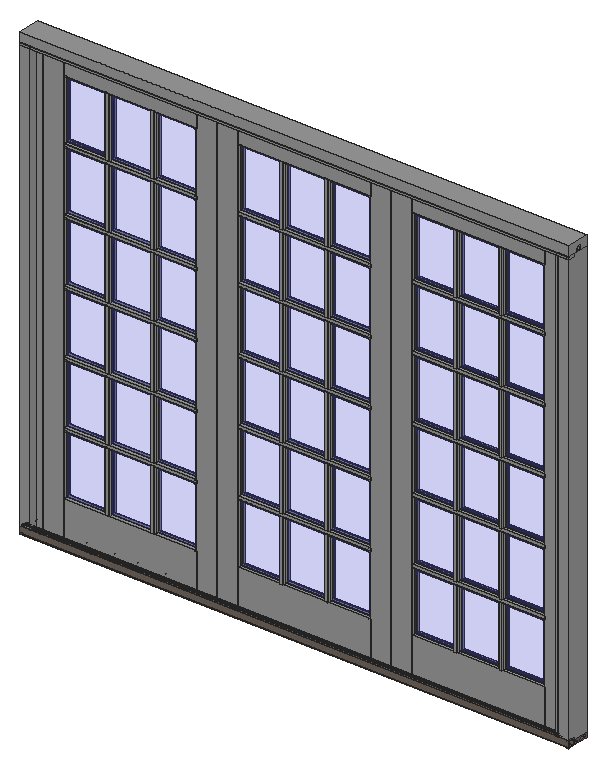
Revit family "VSFA 2560 SP LH", category Doors, host Wall, Revit 2015 (continued)
Automatic sketch dimensions
  Sweep 54 sketch curve to Sweep 54 sketch curve = 6 mm
  plane 2 "Center (Left/Right)" to Sweep 55 sketch curve = 114.66 mm
  Sweep 55 sketch curve to plane 2 "Center (Left/Right)" = 83.68 mm
  plane 5 to Sweep 55 sketch curve = 1032 mm
  Sweep 55 sketch curve to Sweep 55 sketch curve = 284.012 mm
  Sweep 55 sketch curve to profile plane = 0 mm
  Sweep 55 sketch curve to profile plane = 0.241 mm
  Sweep 55 sketch curve to Sweep 55 sketch curve = 6.759 mm
  Sweep 55 sketch curve to Sweep 55 sketch curve = 2 mm  (x2)
  Sweep 55 sketch curve to profile plane = 86 mm
  Sweep 55 sketch curve to Sweep 55 sketch curve = 6 mm
  Sweep 56 sketch curve to plane 2 "Center (Left/Right)" = 96.68 mm
  Sweep 56 sketch curve to plane 12 = 126.98 mm
  plane 5 to Sweep 56 sketch curve = 1032 mm
  Sweep 56 sketch curve to Sweep 56 sketch curve = 284.012 mm
  Sweep 56 sketch curve to profile plane = 0 mm
  Sweep 56 sketch curve to profile plane = 0.241 mm
  Sweep 56 sketch curve to Sweep 56 sketch curve = 6.759 mm
  Sweep 56 sketch curve to Sweep 56 sketch curve = 2 mm  (x2)
  Sweep 56 sketch curve to profile plane = 86 mm
  Sweep 56 sketch curve to Sweep 56 sketch curve = 6 mm
  host wall to Extrusion 57 sketch curve = 7.5 mm
  plane 2 "Center (Left/Right)" to Extrusion 57 sketch curve = 136.66 mm
  Extrusion 57 sketch curve to Extrusion 57 sketch curve = 2 mm  (x10)
  Extrusion 57 sketch curve to Extrusion 57 sketch curve = 6.759 mm  (x4)
  Extrusion 57 sketch curve to Extrusion 57 sketch curve = 0.241 mm  (x6)
  Extrusion 57 sketch curve to Extrusion 57 sketch curve = 13 mm  (x3)
  Extrusion 57 sketch curve to Extrusion 57 sketch curve = 0 mm
  host wall to Extrusion 57 sketch curve = 5.5 mm  (x3)
  Extrusion 57 sketch curve to plane 2 "Center (Left/Right)" = 74.68 mm
  Extrusion 57 sketch curve to host wall = 24.5 mm  (x2)
  Extrusion 57 sketch curve to Extrusion 57 sketch curve = 1.197 mm  (x4)
  plane 11 to Sweep 58 sketch curve = 65 mm
  plane 2 "Center (Left/Right)" to Sweep 58 sketch curve = 127.66 mm
  level to Sweep 58 sketch curve = 771 mm
  Sweep 58 sketch curve to Sweep 58 sketch curve = 284.012 mm
  Sweep 58 sketch curve to profile plane = 0 mm
  Sweep 58 sketch curve to profile plane = 0.241 mm
  Sweep 58 sketch curve to Sweep 58 sketch curve = 6.759 mm
  Sweep 58 sketch curve to Sweep 58 sketch curve = 2 mm  (x2)
  Sweep 58 sketch curve to profile plane = 86 mm
  Sweep 58 sketch curve to Sweep 58 sketch curve = 6 mm
  plane 2 "Center (Left/Right)" to Sweep 59 sketch curve = 114.66 mm
  Sweep 59 sketch curve to plane 2 "Center (Left/Right)" = 83.68 mm
  level to Sweep 59 sketch curve = 771 mm
  Sweep 59 sketch curve to Sweep 59 sketch curve = 284.012 mm
  Sweep 59 sketch curve to profile plane = 0 mm
  Sweep 59 sketch curve to profile plane = 0.241 mm
  Sweep 59 sketch curve to Sweep 59 sketch curve = 6.759 mm
  Sweep 59 sketch curve to Sweep 59 sketch curve = 2 mm  (x2)
  Sweep 59 sketch curve to profile plane = 86 mm
  Sweep 59 sketch curve to Sweep 59 sketch curve = 6 mm
  Sweep 60 sketch curve to plane 2 "Center (Left/Right)" = 96.68 mm
  Sweep 60 sketch curve to plane 12 = 126.98 mm
  level to Sweep 60 sketch curve = 771 mm
  Sweep 60 sketch curve to Sweep 60 sketch curve = 284.012 mm
  Sweep 60 sketch curve to profile plane = 0 mm
  Sweep 60 sketch curve to profile plane = 0.241 mm
  Sweep 60 sketch curve to Sweep 60 sketch curve = 6.759 mm
  Sweep 60 sketch curve to Sweep 60 sketch curve = 2 mm  (x2)
  Sweep 60 sketch curve to profile plane = 86 mm
  Sweep 60 sketch curve to Sweep 60 sketch curve = 6 mm
  host wall to Extrusion 61 sketch curve = 7.5 mm
  plane 2 "Center (Left/Right)" to Extrusion 61 sketch curve = 136.66 mm
  Extrusion 61 sketch curve to Extrusion 61 sketch curve = 2 mm  (x10)
  Extrusion 61 sketch curve to Extrusion 61 sketch curve = 6.759 mm  (x4)
  Extrusion 61 sketch curve to Extrusion 61 sketch curve = 0.241 mm  (x6)
  Extrusion 61 sketch curve to Extrusion 61 sketch curve = 13 mm  (x3)
  Extrusion 61 sketch curve to Extrusion 61 sketch curve = 0 mm
  host wall to Extrusion 61 sketch curve = 5.5 mm  (x3)
  Extrusion 61 sketch curve to plane 2 "Center (Left/Right)" = 74.68 mm
  Extrusion 61 sketch curve to host wall = 24.5 mm  (x2)
  Extrusion 61 sketch curve to Extrusion 61 sketch curve = 1.197 mm  (x4)
  plane 11 to Sweep 62 sketch curve = 65 mm
  plane 2 "Center (Left/Right)" to Sweep 62 sketch curve = 127.66 mm
  level to Sweep 62 sketch curve = 474 mm
  level to Sweep 62 sketch curve = 189.988 mm
  Sweep 62 sketch curve to profile plane = 0 mm
  Sweep 62 sketch curve to profile plane = 0.241 mm
  Sweep 62 sketch curve to Sweep 62 sketch curve = 6.759 mm
  Sweep 62 sketch curve to Sweep 62 sketch curve = 2 mm  (x2)
  Sweep 62 sketch curve to profile plane = 86 mm
  Sweep 62 sketch curve to Sweep 62 sketch curve = 6 mm
  plane 2 "Center (Left/Right)" to Sweep 63 sketch curve = 114.66 mm
  Sweep 63 sketch curve to plane 2 "Center (Left/Right)" = 83.68 mm
  level to Sweep 63 sketch curve = 474 mm
  level to Sweep 63 sketch curve = 189.988 mm
  Sweep 63 sketch curve to profile plane = 0 mm
  Sweep 63 sketch curve to profile plane = 0.241 mm
  Sweep 63 sketch curve to Sweep 63 sketch curve = 6.759 mm
  Sweep 63 sketch curve to Sweep 63 sketch curve = 2 mm  (x2)
  Sweep 63 sketch curve to profile plane = 86 mm
  Sweep 63 sketch curve to Sweep 63 sketch curve = 6 mm
  Sweep 64 sketch curve to plane 2 "Center (Left/Right)" = 96.68 mm
  Sweep 64 sketch curve to plane 12 = 126.98 mm
  level to Sweep 64 sketch curve = 474 mm
  level to Sweep 64 sketch curve = 189.988 mm
  Sweep 64 sketch curve to profile plane = 0 mm
  Sweep 64 sketch curve to profile plane = 0.241 mm
  Sweep 64 sketch curve to Sweep 64 sketch curve = 6.759 mm
  Sweep 64 sketch curve to Sweep 64 sketch curve = 2 mm  (x2)
  Sweep 64 sketch curve to profile plane = 86 mm
  Sweep 64 sketch curve to Sweep 64 sketch curve = 6 mm
  host wall to Extrusion 65 sketch curve = 15.5 mm  (x7)
  Extrusion 65 sketch curve to Extrusion 65 sketch curve = 2 mm  (x28)
  host wall to Extrusion 65 sketch curve = 7.5 mm  (x12)
  host wall to Extrusion 65 sketch curve = 6.697 mm  (x12)
  Extrusion 65 sketch curve to Extrusion 65 sketch curve = 1.197 mm  (x8)
  Extrusion 65 sketch curve to host wall = 24.5 mm  (x7)
  plane 5 to Extrusion 65 sketch curve = 45 mm
  Extrusion 65 sketch curve to Extrusion 65 sketch curve = 96 mm
  Extrusion 65 sketch curve to Extrusion 65 sketch curve = 0 mm  (x6)
  Extrusion 65 sketch curve to Extrusion 65 sketch curve = 0.241 mm  (x12)
  Extrusion 65 sketch curve to Extrusion 65 sketch curve = 266 mm  (x5)
  Extrusion 65 sketch curve to Extrusion 65 sketch curve = 6.759 mm  (x6)
  Extrusion 65 sketch curve to Extrusion 65 sketch curve = 13 mm  (x5)
  level to Extrusion 65 sketch curve = 199 mm
  level to Extrusion 65 sketch curve = 19 mm
  plane 12 to Extrusion 66 sketch curve = 65 mm  (x2)
  Extrusion 66 sketch curve to Extrusion 66 sketch curve = 0 mm  (x31)
  Extrusion 66 sketch curve to Extrusion 66 sketch curve = 198.34 mm  (x6)
  Extrusion 66 sketch curve to Extrusion 66 sketch curve = 13 mm  (x7)
  Extrusion 66 sketch curve to plane 9 = 126.98 mm  (x3)
  plane 5 to Extrusion 66 sketch curve = 141 mm  (x2)
  Extrusion 66 sketch curve to Extrusion 66 sketch curve = 284.012 mm  (x5)
  Extrusion 66 sketch curve to Extrusion 66 sketch curve = 12.988 mm  (x15)
  level to Extrusion 66 sketch curve = 189.988 mm
  host wall to Extrusion 67 sketch curve = 7.5 mm
  plane 12 to Extrusion 67 sketch curve = 254.34 mm
  Extrusion 67 sketch curve to Extrusion 67 sketch curve = 2 mm  (x10)
  Extrusion 67 sketch curve to Extrusion 67 sketch curve = 6.759 mm  (x4)
  Extrusion 67 sketch curve to Extrusion 67 sketch curve = 0.241 mm  (x6)
  Extrusion 67 sketch curve to Extrusion 67 sketch curve = 13 mm  (x3)
  Extrusion 67 sketch curve to Extrusion 67 sketch curve = 0 mm
  host wall to Extrusion 67 sketch curve = 5.5 mm  (x3)
  Extrusion 67 sketch curve to Extrusion 67 sketch curve = 180.34 mm
  Extrusion 67 sketch curve to host wall = 24.5 mm  (x2)
  Extrusion 67 sketch curve to Extrusion 67 sketch curve = 1.197 mm  (x4)
  plane 12 to Sweep 68 sketch curve = 65 mm
  Sweep 68 sketch curve to Sweep 68 sketch curve = 198.34 mm
  plane 5 to Sweep 68 sketch curve = 141 mm
  Sweep 68 sketch curve to Sweep 68 sketch curve = 284.012 mm
  Sweep 68 sketch curve to profile plane = 0 mm
  Sweep 68 sketch curve to profile plane = 0.241 mm
  Sweep 68 sketch curve to Sweep 68 sketch curve = 6.759 mm
  Sweep 68 sketch curve to Sweep 68 sketch curve = 2 mm  (x2)
  Sweep 68 sketch curve to profile plane = 86 mm
  Sweep 68 sketch curve to Sweep 68 sketch curve = 6 mm
  plane 12 to Sweep 69 sketch curve = 276.34 mm
  Sweep 69 sketch curve to Sweep 69 sketch curve = 198.34 mm
  plane 5 to Sweep 69 sketch curve = 141 mm
  Sweep 69 sketch curve to Sweep 69 sketch curve = 284.012 mm
  Sweep 69 sketch curve to profile plane = 0 mm
  Sweep 69 sketch curve to profile plane = 0.241 mm
  Sweep 69 sketch curve to Sweep 69 sketch curve = 6.759 mm
  Sweep 69 sketch curve to Sweep 69 sketch curve = 2 mm  (x2)
  Sweep 69 sketch curve to profile plane = 86 mm
  Sweep 69 sketch curve to Sweep 69 sketch curve = 6 mm
  Sweep 70 sketch curve to plane 9 = 325.32 mm
  Sweep 70 sketch curve to plane 9 = 126.98 mm
  plane 5 to Sweep 70 sketch curve = 141 mm
  Sweep 70 sketch curve to Sweep 70 sketch curve = 284.012 mm
  Sweep 70 sketch curve to profile plane = 0 mm
  Sweep 70 sketch curve to profile plane = 0.241 mm
  Sweep 70 sketch curve to Sweep 70 sketch curve = 6.759 mm
  Sweep 70 sketch curve to Sweep 70 sketch curve = 2 mm  (x2)
  Sweep 70 sketch curve to profile plane = 86 mm
  Sweep 70 sketch curve to Sweep 70 sketch curve = 6 mm
  host wall to Extrusion 71 sketch curve = 7.5 mm
  plane 12 to Extrusion 71 sketch curve = 254.34 mm
  Extrusion 71 sketch curve to Extrusion 71 sketch curve = 2 mm  (x10)
  Extrusion 71 sketch curve to Extrusion 71 sketch curve = 6.759 mm  (x4)
  Extrusion 71 sketch curve to Extrusion 71 sketch curve = 0.241 mm  (x6)
  Extrusion 71 sketch curve to Extrusion 71 sketch curve = 13 mm  (x3)
  Extrusion 71 sketch curve to Extrusion 71 sketch curve = 0 mm
  host wall to Extrusion 71 sketch curve = 5.5 mm  (x3)
  Extrusion 71 sketch curve to Extrusion 71 sketch curve = 180.34 mm
  Extrusion 71 sketch curve to host wall = 24.5 mm  (x2)
  Extrusion 71 sketch curve to Extrusion 71 sketch curve = 1.197 mm  (x4)
  plane 12 to Sweep 72 sketch curve = 65 mm
  Sweep 72 sketch curve to Sweep 72 sketch curve = 198.34 mm
  plane 5 to Sweep 72 sketch curve = 438 mm
  Sweep 72 sketch curve to Sweep 72 sketch curve = 284.012 mm
  Sweep 72 sketch curve to profile plane = 0 mm
  Sweep 72 sketch curve to profile plane = 0.241 mm
  Sweep 72 sketch curve to Sweep 72 sketch curve = 6.759 mm
  Sweep 72 sketch curve to Sweep 72 sketch curve = 2 mm  (x2)
  Sweep 72 sketch curve to profile plane = 86 mm
  Sweep 72 sketch curve to Sweep 72 sketch curve = 6 mm
  plane 12 to Sweep 73 sketch curve = 276.34 mm
  Sweep 73 sketch curve to Sweep 73 sketch curve = 198.34 mm
  plane 5 to Sweep 73 sketch curve = 438 mm
  Sweep 73 sketch curve to Sweep 73 sketch curve = 284.012 mm
  Sweep 73 sketch curve to profile plane = 0 mm
  Sweep 73 sketch curve to profile plane = 0.241 mm
  Sweep 73 sketch curve to Sweep 73 sketch curve = 6.759 mm
  Sweep 73 sketch curve to Sweep 73 sketch curve = 2 mm  (x2)
  Sweep 73 sketch curve to profile plane = 86 mm
  Sweep 73 sketch curve to Sweep 73 sketch curve = 6 mm
  Sweep 74 sketch curve to plane 9 = 325.32 mm
  Sweep 74 sketch curve to plane 9 = 126.98 mm
  plane 5 to Sweep 74 sketch curve = 438 mm
  Sweep 74 sketch curve to Sweep 74 sketch curve = 284.012 mm
  Sweep 74 sketch curve to profile plane = 0 mm
  Sweep 74 sketch curve to profile plane = 0.241 mm
  Sweep 74 sketch curve to Sweep 74 sketch curve = 6.759 mm
  Sweep 74 sketch curve to Sweep 74 sketch curve = 2 mm  (x2)
  Sweep 74 sketch curve to profile plane = 86 mm
  Sweep 74 sketch curve to Sweep 74 sketch curve = 6 mm
  host wall to Extrusion 75 sketch curve = 7.5 mm
  plane 12 to Extrusion 75 sketch curve = 254.34 mm
  Extrusion 75 sketch curve to Extrusion 75 sketch curve = 2 mm  (x10)
  Extrusion 75 sketch curve to Extrusion 75 sketch curve = 6.759 mm  (x4)
  Extrusion 75 sketch curve to Extrusion 75 sketch curve = 0.241 mm  (x6)
  Extrusion 75 sketch curve to Extrusion 75 sketch curve = 13 mm  (x3)
  Extrusion 75 sketch curve to Extrusion 75 sketch curve = 0 mm
  host wall to Extrusion 75 sketch curve = 5.5 mm  (x3)
  Extrusion 75 sketch curve to Extrusion 75 sketch curve = 180.34 mm
  Extrusion 75 sketch curve to host wall = 24.5 mm  (x2)
  Extrusion 75 sketch curve to Extrusion 75 sketch curve = 1.197 mm  (x4)
  plane 12 to Sweep 76 sketch curve = 65 mm
  Sweep 76 sketch curve to Sweep 76 sketch curve = 198.34 mm
  plane 5 to Sweep 76 sketch curve = 735 mm
  Sweep 76 sketch curve to Sweep 76 sketch curve = 284.012 mm
  Sweep 76 sketch curve to profile plane = 0 mm
  Sweep 76 sketch curve to profile plane = 0.241 mm
  Sweep 76 sketch curve to Sweep 76 sketch curve = 6.759 mm
  Sweep 76 sketch curve to Sweep 76 sketch curve = 2 mm  (x2)
  Sweep 76 sketch curve to profile plane = 86 mm
  Sweep 76 sketch curve to Sweep 76 sketch curve = 6 mm
  plane 12 to Sweep 77 sketch curve = 276.34 mm
  Sweep 77 sketch curve to Sweep 77 sketch curve = 198.34 mm
  plane 5 to Sweep 77 sketch curve = 735 mm
  Sweep 77 sketch curve to Sweep 77 sketch curve = 284.012 mm
  Sweep 77 sketch curve to profile plane = 0 mm
  Sweep 77 sketch curve to profile plane = 0.241 mm
  Sweep 77 sketch curve to Sweep 77 sketch curve = 6.759 mm
  Sweep 77 sketch curve to Sweep 77 sketch curve = 2 mm  (x2)
  Sweep 77 sketch curve to profile plane = 86 mm
  Sweep 77 sketch curve to Sweep 77 sketch curve = 6 mm
  Sweep 78 sketch curve to plane 9 = 325.32 mm
  Sweep 78 sketch curve to plane 9 = 126.98 mm
  plane 5 to Sweep 78 sketch curve = 735 mm
  Sweep 78 sketch curve to Sweep 78 sketch curve = 284.012 mm
  Sweep 78 sketch curve to profile plane = 0 mm
  Sweep 78 sketch curve to profile plane = 0.241 mm
  Sweep 78 sketch curve to Sweep 78 sketch curve = 6.759 mm
  Sweep 78 sketch curve to Sweep 78 sketch curve = 2 mm  (x2)
  Sweep 78 sketch curve to profile plane = 86 mm
  Sweep 78 sketch curve to Sweep 78 sketch curve = 6 mm
  host wall to Extrusion 79 sketch curve = 7.5 mm
  plane 12 to Extrusion 79 sketch curve = 254.34 mm
  Extrusion 79 sketch curve to Extrusion 79 sketch curve = 2 mm  (x10)
  Extrusion 79 sketch curve to Extrusion 79 sketch curve = 6.759 mm  (x4)
  Extrusion 79 sketch curve to Extrusion 79 sketch curve = 0.241 mm  (x6)
  Extrusion 79 sketch curve to Extrusion 79 sketch curve = 13 mm  (x3)
  Extrusion 79 sketch curve to Extrusion 79 sketch curve = 0 mm
  host wall to Extrusion 79 sketch curve = 5.5 mm  (x3)
  Extrusion 79 sketch curve to Extrusion 79 sketch curve = 180.34 mm
  Extrusion 79 sketch curve to host wall = 24.5 mm  (x2)
  Extrusion 79 sketch curve to Extrusion 79 sketch curve = 1.197 mm  (x4)
  plane 12 to Sweep 80 sketch curve = 65 mm
  Sweep 80 sketch curve to Sweep 80 sketch curve = 198.34 mm
  plane 5 to Sweep 80 sketch curve = 1032 mm
  Sweep 80 sketch curve to Sweep 80 sketch curve = 284.012 mm
  Sweep 80 sketch curve to profile plane = 0 mm
  Sweep 80 sketch curve to profile plane = 0.241 mm
  Sweep 80 sketch curve to Sweep 80 sketch curve = 6.759 mm
  Sweep 80 sketch curve to Sweep 80 sketch curve = 2 mm  (x2)
  Sweep 80 sketch curve to profile plane = 86 mm
  Sweep 80 sketch curve to Sweep 80 sketch curve = 6 mm
  plane 12 to Sweep 81 sketch curve = 276.34 mm
  Sweep 81 sketch curve to Sweep 81 sketch curve = 198.34 mm
  plane 5 to Sweep 81 sketch curve = 1032 mm
  Sweep 81 sketch curve to Sweep 81 sketch curve = 284.012 mm
  Sweep 81 sketch curve to profile plane = 0 mm
  Sweep 81 sketch curve to profile plane = 0.241 mm
  Sweep 81 sketch curve to Sweep 81 sketch curve = 6.759 mm
  Sweep 81 sketch curve to Sweep 81 sketch curve = 2 mm  (x2)
  Sweep 81 sketch curve to profile plane = 86 mm
  Sweep 81 sketch curve to Sweep 81 sketch curve = 6 mm
  Sweep 82 sketch curve to plane 9 = 325.32 mm
  Sweep 82 sketch curve to plane 9 = 126.98 mm
  plane 5 to Sweep 82 sketch curve = 1032 mm
  Sweep 82 sketch curve to Sweep 82 sketch curve = 284.012 mm
  Sweep 82 sketch curve to profile plane = 0 mm
  Sweep 82 sketch curve to profile plane = 0.241 mm
  Sweep 82 sketch curve to Sweep 82 sketch curve = 6.759 mm
  Sweep 82 sketch curve to Sweep 82 sketch curve = 2 mm  (x2)
  Sweep 82 sketch curve to profile plane = 86 mm
  Sweep 82 sketch curve to Sweep 82 sketch curve = 6 mm
  host wall to Extrusion 83 sketch curve = 7.5 mm
  plane 12 to Extrusion 83 sketch curve = 254.34 mm
  Extrusion 83 sketch curve to Extrusion 83 sketch curve = 2 mm  (x10)
  Extrusion 83 sketch curve to Extrusion 83 sketch curve = 6.759 mm  (x4)
  Extrusion 83 sketch curve to Extrusion 83 sketch curve = 0.241 mm  (x6)
  Extrusion 83 sketch curve to Extrusion 83 sketch curve = 13 mm  (x3)
  Extrusion 83 sketch curve to Extrusion 83 sketch curve = 0 mm
  host wall to Extrusion 83 sketch curve = 5.5 mm  (x3)
  Extrusion 83 sketch curve to Extrusion 83 sketch curve = 180.34 mm
  Extrusion 83 sketch curve to host wall = 24.5 mm  (x2)
  Extrusion 83 sketch curve to Extrusion 83 sketch curve = 1.197 mm  (x4)
  plane 12 to Sweep 84 sketch curve = 65 mm
  Sweep 84 sketch curve to Sweep 84 sketch curve = 198.34 mm
  level to Sweep 84 sketch curve = 771 mm
  Sweep 84 sketch curve to Sweep 84 sketch curve = 284.012 mm
  Sweep 84 sketch curve to profile plane = 0 mm
  Sweep 84 sketch curve to profile plane = 0.241 mm
  Sweep 84 sketch curve to Sweep 84 sketch curve = 6.759 mm
  Sweep 84 sketch curve to Sweep 84 sketch curve = 2 mm  (x2)
  Sweep 84 sketch curve to profile plane = 86 mm
  Sweep 84 sketch curve to Sweep 84 sketch curve = 6 mm
  plane 12 to Sweep 85 sketch curve = 276.34 mm
  Sweep 85 sketch curve to Sweep 85 sketch curve = 198.34 mm
  level to Sweep 85 sketch curve = 771 mm
  Sweep 85 sketch curve to Sweep 85 sketch curve = 284.012 mm
  Sweep 85 sketch curve to profile plane = 0 mm
  Sweep 85 sketch curve to profile plane = 0.241 mm
  Sweep 85 sketch curve to Sweep 85 sketch curve = 6.759 mm
  Sweep 85 sketch curve to Sweep 85 sketch curve = 2 mm  (x2)
  Sweep 85 sketch curve to profile plane = 86 mm
  Sweep 85 sketch curve to Sweep 85 sketch curve = 6 mm
  Sweep 86 sketch curve to plane 9 = 325.32 mm
  Sweep 86 sketch curve to plane 9 = 126.98 mm
  level to Sweep 86 sketch curve = 771 mm
  Sweep 86 sketch curve to Sweep 86 sketch curve = 284.012 mm
  Sweep 86 sketch curve to profile plane = 0 mm
  Sweep 86 sketch curve to profile plane = 0.241 mm
  Sweep 86 sketch curve to Sweep 86 sketch curve = 6.759 mm
  Sweep 86 sketch curve to Sweep 86 sketch curve = 2 mm  (x2)
  Sweep 86 sketch curve to profile plane = 86 mm
  Sweep 86 sketch curve to Sweep 86 sketch curve = 6 mm
  host wall to Extrusion 87 sketch curve = 7.5 mm
  plane 12 to Extrusion 87 sketch curve = 254.34 mm
  Extrusion 87 sketch curve to Extrusion 87 sketch curve = 2 mm  (x10)
  Extrusion 87 sketch curve to Extrusion 87 sketch curve = 6.759 mm  (x4)
  Extrusion 87 sketch curve to Extrusion 87 sketch curve = 0.241 mm  (x6)
  Extrusion 87 sketch curve to Extrusion 87 sketch curve = 13 mm  (x3)
  Extrusion 87 sketch curve to Extrusion 87 sketch curve = 0 mm
  host wall to Extrusion 87 sketch curve = 5.5 mm  (x3)
  Extrusion 87 sketch curve to Extrusion 87 sketch curve = 180.34 mm
  Extrusion 87 sketch curve to host wall = 24.5 mm  (x2)
  Extrusion 87 sketch curve to Extrusion 87 sketch curve = 1.197 mm  (x4)
  plane 12 to Sweep 88 sketch curve = 65 mm
  Sweep 88 sketch curve to Sweep 88 sketch curve = 198.34 mm
  level to Sweep 88 sketch curve = 474 mm
  level to Sweep 88 sketch curve = 189.988 mm
  Sweep 88 sketch curve to profile plane = 0 mm
  Sweep 88 sketch curve to profile plane = 0.241 mm
  Sweep 88 sketch curve to Sweep 88 sketch curve = 6.759 mm
  Sweep 88 sketch curve to Sweep 88 sketch curve = 2 mm  (x2)
  Sweep 88 sketch curve to profile plane = 86 mm
  Sweep 88 sketch curve to Sweep 88 sketch curve = 6 mm
  plane 12 to Sweep 89 sketch curve = 276.34 mm
  Sweep 89 sketch curve to Sweep 89 sketch curve = 198.34 mm
  level to Sweep 89 sketch curve = 474 mm
  level to Sweep 89 sketch curve = 189.988 mm
  Sweep 89 sketch curve to profile plane = 0 mm
  Sweep 89 sketch curve to profile plane = 0.241 mm
  Sweep 89 sketch curve to Sweep 89 sketch curve = 6.759 mm
  Sweep 89 sketch curve to Sweep 89 sketch curve = 2 mm  (x2)
  Sweep 89 sketch curve to profile plane = 86 mm
  Sweep 89 sketch curve to Sweep 89 sketch curve = 6 mm
  Sweep 90 sketch curve to plane 9 = 325.32 mm
  Sweep 90 sketch curve to plane 9 = 126.98 mm
  level to Sweep 90 sketch curve = 474 mm
  level to Sweep 90 sketch curve = 189.988 mm
  Sweep 90 sketch curve to profile plane = 0 mm
  Sweep 90 sketch curve to profile plane = 0.241 mm
  Sweep 90 sketch curve to Sweep 90 sketch curve = 6.759 mm
  Sweep 90 sketch curve to Sweep 90 sketch curve = 2 mm  (x2)
  Sweep 90 sketch curve to profile plane = 86 mm
  Sweep 90 sketch curve to Sweep 90 sketch curve = 6 mm
